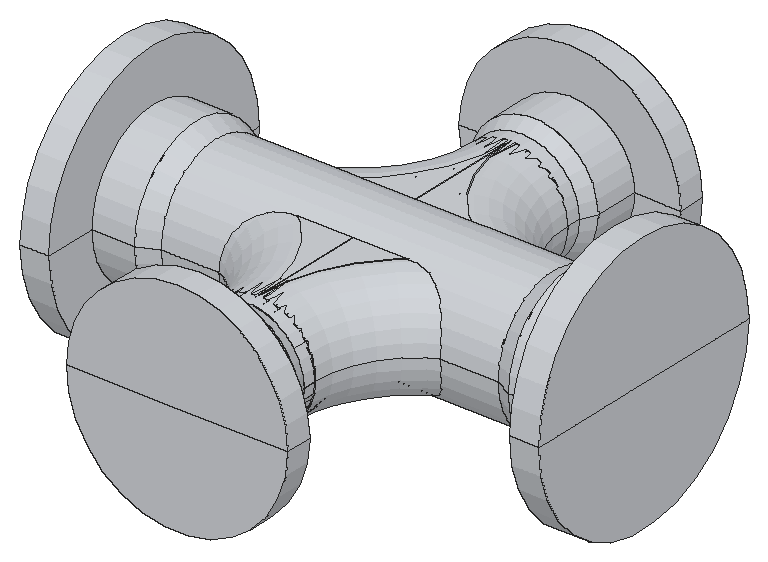
Revit family "9223d734b4f04bd7940987bf1da5378e", category Pipe Fittings, Revit 2021
Family settings
  Round Connector Dimension = Use Radius
  Part Type = Cross
  OmniClass Number = 23.60.30.11.14
  OmniClass Title = Pipework Fittings
  Seek Item ID = Tee - PVC - Sch 40-0000-USA-ENU
  Work Plane-Based = No
  Always vertical = Yes
  Cut with Voids When Loaded = No
  Shared = No
Parameters (values of type "Standard")
  Visibility 1 [instance] = and(Angle 1 = 90.00°, Angle 2 = 90.00°)  # yes
  Tick Size 3 [instance] = Fitting Outside Diameter 3 * 0.4  # 1.5840"
  Tick Size 2 [instance] = Fitting Outside Diameter 2 * 0.4  # 1.5840"
  Tick Size 1 [instance] = Fitting Outside Diameter 1 * 0.4  # 1.9200"
  Socket Outside Radius 3 [instance] = Socket Outside Diameter 3 / 2  # 2.2400"
  Socket Outside Radius 2 [instance] = Socket Outside Diameter 2 / 2  # 2.2400"
  Socket Outside Radius 1 [instance] = Socket Outside Diameter 1 / 2  # 2.7250"
  Socket Outside Diameter 3 [instance] = size_lookup(Lookup Table Name, "SOD", 1.08 * Nominal Diameter 3 + 1.1300", Nominal Diameter 3)  # 4.4800"
  Socket Outside Diameter 1 [instance] = size_lookup(Lookup Table Name, "SOD", 1.08 * Nominal Diameter 1 + 1.1300", Nominal Diameter 1)  # 5.4500"
  Socket Outside Diameter 2 [instance] = size_lookup(Lookup Table Name, "SOD", 1.08 * Nominal Diameter 2 + 1.1300", Nominal Diameter 2)  # 4.4800"
  Socket Depth 3 [instance] = if(Nominal Diameter 3 < 14.0000", 2.5000", if(Nominal Diameter 2 < 30.0000", 3.5000", 4.0000"))  # 2.5000"
  Socket Depth 2 [instance] = if(Nominal Diameter 2 < 14.0000", 2.5000", if(Nominal Diameter 2 < 30.0000", 3.5000", 4.0000"))  # 2.5000"
  Socket Depth 1 [instance] = if(Nominal Diameter 1 < 14.0000", 2.5000", if(Nominal Diameter 1 < 30.0000", 3.5000", 4.0000"))  # 2.5000"
  Nominal Radius 3 [instance] = 1.5000"
  Nominal Radius 2 [instance] = 1.5000"
  Nominal Diameter 3 [instance] = Nominal Radius 3 * 2  # 3.0000"
  Nominal Diameter 2 [instance] = Nominal Radius 2 * 2  # 3.0000"
  Min Nominal Diameter 23 [instance] = if(Nominal Diameter 2 < Nominal Diameter 3, Nominal Diameter 2, Nominal Diameter 3)  # 3.0000"
  Min Center to Socket Bottom 23 [instance] = if(Center to Socket Bottom 2 < Center to Socket Bottom 3, Center to Socket Bottom 2, Center to Socket Bottom 3)  # 6.5000"
  Max Nominal Diameter 23 [instance] = if(Nominal Diameter 2 > Nominal Diameter 3, Nominal Diameter 2, Nominal Diameter 3)  # 3.0000"
  Max Band Width 23 [instance] = if(Gland Width 2 > Gland Width 3, Gland Width 2, Gland Width 3)  # 0.9400"
  Lookup Table Name = "Cross Reducing - MJ - GI - Class 250"
  Length 2 [instance] = Socket Depth 3 + Bevel Length 3  # 3.0200"
  Length 1 [instance] = Socket Depth 2 + Bevel Length 2  # 3.0200"
  Fitting Outside Radius 3 [instance] = Fitting Outside Diameter 3 / 2  # 1.9800"
  Fitting Outside Radius 2 [instance] = Fitting Outside Diameter 2 / 2  # 1.9800"
  Fitting Outside Radius 1 [instance] = Fitting Outside Diameter 1 / 2  # 2.4000"
  Fitting Outside Diameter 3 [instance] = size_lookup(Lookup Table Name, "FOD", 1.04 * Nominal Diameter 3 + 0.7000", Nominal Diameter 3)  # 3.9600"
  Fitting Outside Diameter 2 [instance] = size_lookup(Lookup Table Name, "FOD", 1.04 * Nominal Diameter 2 + 0.7000", Nominal Diameter 2)  # 3.9600"
  Fitting Outside Diameter 1 [instance] = size_lookup(Lookup Table Name, "FOD", 1.04 * Nominal Diameter 1 + 0.7000", Nominal Diameter 1)  # 4.8000"
  Nominal Radius 1 [instance] = 2.0000"
  Nominal Diameter 1 [instance] = Nominal Radius 1 * 2  # 4.0000"
  Loss Method = Not Defined
  K Coefficient Table = (empty or 0)
  Default Elevation = 0.0000"
  Bevel Length 3 [instance] = size_lookup(Lookup Table Name, "BvLgt", 0.04 * Nominal Diameter 3 + 0.4300", Nominal Diameter 3)  # 0.5200"
  Bevel Length 2 Label [instance] = if(not(Angle 2 = 90.00°), Center to End 2 Label - Length 1, Bevel Length 2)  # 0.5200"
  Bevel Length 2 [instance] = size_lookup(Lookup Table Name, "BvLgt", 0.04 * Nominal Diameter 2 + 0.4300", Nominal Diameter 2)  # 0.5200"
  Bevel Length 1 [instance] = size_lookup(Lookup Table Name, "BvLgt", 0.04 * Nominal Diameter 1 + 0.4300", Nominal Diameter 1)  # 0.6500"
  Center to Socket Bottom 3 [instance] = size_lookup(Lookup Table Name, "CtSB2", 4.9600" + 0.58 * Nominal Diameter 1 + 0.05 * Nominal Diameter 3, Nominal Diameter 1, Nominal Diameter 3)  # 6.5000"
  Center to Socket Bottom 2 [instance] = size_lookup(Lookup Table Name, "CtSB2", 4.9600" + 0.58 * Nominal Diameter 1 + 0.05 * Nominal Diameter 2, Nominal Diameter 1, Nominal Diameter 2)  # 6.5000"
  Center to Socket Bottom 1 [instance] = size_lookup(Lookup Table Name, "CtSB1", 4.9800" + 0.33 * Nominal Diameter 1 + 0.33 * Max Nominal Diameter 23, Nominal Diameter 1, Max Nominal Diameter 23)  # 6.5000"
  Center to End 3 [instance] = Center to Socket Bottom 3 + Socket Depth 3  # 9.0000"
  Max Center to End 23 [instance] = if(Center to End 2 > Center to End 3, Center to End 2, Center to End 3)  # 9.0000"
  Center to End 2 Label [instance] = if((Max Center to End 23 - Max Band Width 23) * tan(Angle 5 / 2) > Gland Outside Radius 1, Max Center to End 23, Gland Outside Radius 1 / tan(Angle 5 / 2) + Max Band Width 23)  # 9.0000"
  Center to End 2 [instance] = Center to Socket Bottom 2 + Socket Depth 2  # 9.0000"
  Center to End 1 Label [instance] = if((Max Center to End 23 - Max Band Width 23) * tan(Angle 5 / 2) > Gland Outside Radius 1, Center to End 1, Gland Outside Radius 1 / tan(Angle 5 / 2) + Max Band Width 23)  # 9.0000"
  Center to End 1 [instance] = Center to Socket Bottom 1 + Socket Depth 1  # 9.0000"
  Center Radius Label [instance] = if(Min Center to Socket Bottom 23 - Center Radius - Bevel Length 2 < 0.5000", Min Center to Socket Bottom 23 - Bevel Length 2 - 0.5000", Center Radius)  # 5.4800"
  Center Radius [instance] = size_lookup(Lookup Table Name, "CRad", 4.4800" + 0.3 * Nominal Diameter 1 + 0.33 * Max Nominal Diameter 23, Nominal Diameter 1, Max Nominal Diameter 23)  # 5.8500"
  Gland Width 3 [instance] = size_lookup(Lookup Table Name, "GWid", 0.03 * Nominal Diameter 3 + 0.9400", Nominal Diameter 3)  # 0.9400"
  Gland Width 2 [instance] = size_lookup(Lookup Table Name, "GWid", 0.03 * Nominal Diameter 2 + 0.9400", Nominal Diameter 2)  # 0.9400"
  Gland Width 1 [instance] = size_lookup(Lookup Table Name, "GWid", 0.03 * Nominal Diameter 1 + 0.9400", Nominal Diameter 1)  # 1.0000"
  Gland Outside Radius 3 [instance] = Gland Outside Diameter 3 / 2  # 3.8450"
  Gland Outside Radius 2 [instance] = Gland Outside Diameter 2 / 2  # 3.8450"
  Gland Outside Radius 1 [instance] = Gland Outside Diameter 1 / 2  # 4.5600"
  Gland Outside Diameter 3 [instance] = size_lookup(Lookup Table Name, "GOD", 1.16 * Nominal Diameter 3 + 4.0300", Nominal Diameter 3)  # 7.6900"
  Gland Outside Diameter 2 [instance] = size_lookup(Lookup Table Name, "GOD", 1.16 * Nominal Diameter 2 + 4.0300", Nominal Diameter 2)  # 7.6900"
  Gland Outside Diameter 1 [instance] = size_lookup(Lookup Table Name, "GOD", 1.16 * Nominal Diameter 1 + 4.0300", Nominal Diameter 1)  # 9.1200"
  Angle 5 [instance] = if(tan(Angle 3 / 2) > tan(Angle 4 / 2), Angle 4, Angle 3)  # 90.00°
  Angle 4 [instance] = if(Angle 2 > 90.00°, 180.00° - Angle 2, Angle 2)  # 90.00°
  Angle 3 [instance] = if(Angle 1 > 90.00°, 180.00° - Angle 1, Angle 1)  # 90.00°
  Angle 2 [instance] = 90.00°
  Angle 1 [instance] = 90.00°
Reference planes (in)
  plane 1 "Center (Front/Back)": y = 0
  plane 2: z = 0
  plane 3 "Center (Left/Right)": x = 0
  plane 4: y = -6.5
  plane 5: y = 4.56
  plane 6: y = 2.725
  plane 7: y = 2.4
  plane 8: x = -9
  plane 9: x = -8
  plane 10: x = -5.85
  plane 11: x = -6.5
  plane 12: x = 9
  plane 13: x = 8
  plane 14: x = 5.85
  plane 15: x = 6.5
  plane 16: y = -5.98
  plane 17: y = -5.48
  plane 18: x = -5.48
  plane 19: x = 5.48
  plane 20: z = 1.98
  plane 21: z = -1.98
  plane 22: y = 1.92
  plane 23: y = -1.92
  plane 24: y = 6.5
  plane 25: y = 5.98
  plane 26: y = 5.48
  plane 27: y = 1.92
  plane 28: z = 1.98
  plane 29: z = -1.98
Forms (in)
  Revolve 1, solid, detail levels fine
    sketch origin (0, 0, 0) x (1, 0, 0) y (0, 1, 0)
      loop
        line (-9, 0) -> (9, 0) -> (9, 4.56) -> (8, 4.56) -> (8, 2.725) -> (6.5, 2.725) -> (5.85, 2.4) -> (-5.85, 2.4) -> (-6.5, 2.725) -> (-8, 2.725) -> (-8, 4.56) -> (-9, 4.56) -> (-9, 0)
      axis (-9, 0) -> (9, 0)
    angle from 0 to 360
  Sweep 2, solid, visible <- "Visibility 1", detail levels fine
    path origin (0, 0, 0) x (1, 0, 0) y (0, 1, 0)
      loop
        arc (-5.48, 0) -> (-1.60505, -1.60505) -> (0, -5.48) r 5.48
        line (0, -5.48) -> (0, -5.98)
    profile origin (0, -5.48, 0) x (1, 0, 0) y (0, 0, 1)
      loop
        circle (0, 0) r 1.98
  Sweep 3, solid, visible <- "Visibility 1", detail levels fine
    path origin (0, 0, 0) x (-1, 0, 0) y (0, 1, 0)
      loop
        arc (-5.48, 0) -> (-1.60505, -1.60505) -> (0, -5.48) r 5.48
        line (0, -5.48) -> (0, -5.98)
    profile origin (0, -5.48, 0) x (1, 0, 0) y (0, 0, 1)
      loop
        circle (0, 0) r 1.98
  Extrusion 4, solid, visible <- "Visibility 1", detail levels fine
    sketch origin (0, 0, 0) x (1, 0, 0) y (0, 1, 0)
      loop
        arc (0, -5.48) -> (1.60505, -1.60505) -> (5.48, 0) r 5.48
        line (5.48, 0) -> (-5.48, 0)
        arc (-5.48, 0) -> (-1.60505, -1.60505) -> (0, -5.48) r 5.48
    from -1.98 to 1.98
  Sweep 5, solid, visible <- "Visibility 1", detail levels fine
    path origin (0, 0, 0) x (-1, 0, 0) y (0, -1, 0)
      loop
        arc (-5.48, 0) -> (-1.60505, -1.60505) -> (0, -5.48) r 5.48
    profile origin (0, 5.48, 0) x (-1, 0, 0) y (0, 0, 1)
      loop
        circle (0, 0) r 1.98
  Extrusion 6, solid, visible <- "Visibility 1", detail levels fine
    sketch origin (0, 0, 0) x (1, 0, 0) y (0, 1, 0)
      loop
        arc (0, 5.48) -> (-1.60505, 1.60505) -> (-5.48, 0) r 5.48
        line (-5.48, 0) -> (5.48, 0)
        arc (5.48, 0) -> (1.60505, 1.60505) -> (0, 5.48) r 5.48
    from -1.98 to 1.98
  Sweep 7, solid, visible <- "Visibility 1", detail levels fine
    path origin (0, 0, 0) x (1, 0, 0) y (0, -1, 0)
      loop
        arc (-5.48, 0) -> (-1.60505, -1.60505) -> (0, -5.48) r 5.48
    profile origin (0, 5.48, 0) x (-1, 0, 0) y (0, 0, 1)
      loop
        circle (0, 0) r 1.98
  Revolve 8, solid, detail levels fine
    sketch origin (0, 0, 0) x (0, -1, 0) y (1, 0, 0)
      loop
        line (9, 0) -> (0, 0) -> (0, -1.98) -> (5.98, -1.98) -> (6.5, -2.24) -> (8.06, -2.24) -> (8.06, -3.845) -> (9, -3.845) -> (9, 0)
      axis (0, 0) -> (9, 0)
    angle from 0 to 360
  Revolve 9, solid, detail levels fine
    sketch origin (0, 0, 0) x (0, 1, 0) y (-1, 0, 0)
      loop
        line (9, 0) -> (9, 3.845) -> (8.06, 3.845) -> (8.06, 2.24) -> (6.5, 2.24) -> (5.98, 1.98) -> (0, 1.98) -> (0, 0) -> (9, 0)
      axis (0, 0) -> (9, 0)
    angle from 0 to 360
Lines and regions (in)
  model lines, detail levels coarse+medium
    curve 1: line (-9, 1.92, 0) -> (-9, -1.92, 0)
    curve 2: line (9, 1.92, 0) -> (9, -1.92, 0)
    curve 6: line (-1.584, -9, 0) -> (1.584, -9, 0)
    curve 8: line (-1.584, 9, 0) -> (1.584, 9, 0)
  model lines, style "PipeFitting", detail levels coarse+medium
    curve 3: line (-9, 0, 0) -> (9, 0, 0)
    curve 7: line (0, 0, 0) -> (0, -9, 0)
    curve 9: line (0, 0, 0) -> (0, 9, 0)
  reference lines, not visible
    curve 4: line (0, 0, 0) -> (0, -9, 0)
    curve 5: line (0, 0, 0) -> (0, 9, 0)
Dimensions and locks (in)
  "Center to Socket Bottom 2": plane 4 to plane 1 "Center (Front/Back)"
  "Fitting Outside Radius 1": plane 7 to plane 1 "Center (Front/Back)"
  "Socket Outside Radius 1": plane 6 to plane 1 "Center (Front/Back)"
  "Gland Outside Radius 1": plane 5 to plane 1 "Center (Front/Back)"
  "Gland Width 1": plane 8 to plane 9
  "Socket Depth 1": plane 8 to plane 11
  "Bevel Length 1": plane 11 to plane 10
  "Gland Width 1": plane 12 to plane 13
  "Socket Depth 1": plane 12 to plane 15
  "Bevel Length 1": plane 14 to plane 15
  "Bevel Length 2": plane 16 to plane 4
  "Center Radius Label": plane 1 "Center (Front/Back)" to plane 17
  "Center Radius Label": plane 18 to plane 3 "Center (Left/Right)"
  "Center Radius Label": plane 3 "Center (Left/Right)" to plane 19
  "Fitting Outside Radius 2": plane 20 to plane 2
  "Fitting Outside Radius 2": plane 21 to level
  "Tick Size 1": plane 1 "Center (Front/Back)" to plane 23
  "Tick Size 1": plane 22 to plane 1 "Center (Front/Back)"
  "Center to Socket Bottom 3": plane 24 to plane 1 "Center (Front/Back)"
  "Bevel Length 3": plane 25 to plane 24
  "Center Radius Label": plane 1 "Center (Front/Back)" to plane 26
  "Tick Size 1": plane 1 "Center (Front/Back)" to plane 27
  "Fitting Outside Radius 3": plane 2 to plane 29
  "Fitting Outside Radius 3": plane 28 to plane 2
  "Center to End 1 Label": plane 8 to plane 3 "Center (Left/Right)"
  "Center to End 1 Label": plane 3 "Center (Left/Right)" to plane 12
  "Center to End 2 Label": curve 4 to curve 4
  "Center to End 2 Label": curve 5 to curve 5
  "Tick Size 2": curve 6 to curve 4
  "Tick Size 2": curve 4 to curve 6
  "Center to End 2 Label": curve 7 to curve 7
  "Center to End 2 Label": Revolve 8 sketch curve to Revolve 8 sketch curve
  "Gland Outside Radius 2": Revolve 8 sketch curve to Revolve 8 sketch curve
  "Socket Outside Radius 2": Revolve 8 sketch curve to Revolve 8 sketch curve
  "Gland Width 2": Revolve 8 sketch curve to Revolve 8 sketch curve
  "Socket Depth 2": Revolve 8 sketch curve to Revolve 8 sketch curve
  "Fitting Outside Radius 2": Revolve 8 sketch curve to Revolve 8 sketch curve
  "Length 1": Revolve 8 sketch curve to Revolve 8 sketch curve
  "Tick Size 3": curve 8 to curve 5
  "Tick Size 3": curve 5 to curve 8
  "Center to End 2 Label": curve 9 to curve 9
  "Center to End 2 Label": Revolve 9 sketch curve to Revolve 9 sketch curve
  "Socket Outside Radius 3": Revolve 9 sketch curve to Revolve 9 sketch curve
  "Gland Outside Radius 3": Revolve 9 sketch curve to Revolve 9 sketch curve
  "Fitting Outside Radius 3": Revolve 9 sketch curve to Revolve 9 sketch curve
  "Gland Width 3": Revolve 9 sketch curve to Revolve 9 sketch curve
  "Socket Depth 3": Revolve 9 sketch curve to Revolve 9 sketch curve
  "Length 2": Revolve 9 sketch curve to Revolve 9 sketch curve
  "Center Radius Label": radius of Sweep 2 sketch curve
  "Fitting Outside Radius 2": radius of Sweep 2 sketch curve
  "Center Radius Label": radius of Sweep 3 sketch curve
  "Fitting Outside Radius 2": radius of Sweep 3 sketch curve
  "Center Radius Label": radius of Extrusion 4 sketch curve  (x2)
  "Center Radius Label": radius of Sweep 5 sketch curve
  "Fitting Outside Radius 3": radius of Sweep 5 sketch curve
  "Center Radius Label": radius of Extrusion 6 sketch curve  (x2)
  "Center Radius Label": radius of Sweep 7 sketch curve
  "Fitting Outside Radius 3": radius of Sweep 7 sketch curve
  "Angle 1": angle curve 4 to plane 1 "Center (Front/Back)"
  "Angle 2": angle plane 1 "Center (Front/Back)" to curve 5
  locked: curve 4 to curve 6 (angle 90.00°)
  "Angle 1": angle curve 7 to plane 1 "Center (Front/Back)"
  "Angle 1": angle Revolve 8 sketch curve to plane 1 "Center (Front/Back)"
  locked: curve 5 to curve 8 (angle 90.00°)
  "Angle 2": angle plane 1 "Center (Front/Back)" to curve 9
  "Angle 2": angle plane 1 "Center (Front/Back)" to Revolve 9 sketch curve
  aligned and locked: plane 1 "Center (Front/Back)" to Revolve 1 sketch curve
  aligned and locked: plane 8 to Revolve 1 sketch curve
  aligned and locked: Revolve 1 sketch curve to plane 5  (x2)
  aligned and locked: Revolve 1 sketch curve to plane 7
  aligned and locked: Revolve 1 sketch curve to plane 6  (x2)
  aligned and locked: Revolve 1 sketch curve to plane 13
  aligned and locked: Revolve 1 sketch curve to plane 12
  aligned and locked: Revolve 1 sketch curve to plane 9
  aligned and locked: Revolve 1 sketch curve to Revolve 1 sketch curve
  aligned and locked: plane 11 to Revolve 1 sketch curve
  aligned and locked: plane 10 to Revolve 1 sketch curve
  aligned and locked: plane 14 to Revolve 1 sketch curve
  aligned and locked: plane 15 to Revolve 1 sketch curve
  aligned and locked: plane 17 to Sweep 2 sketch curve
  aligned and locked: plane 18 to Sweep 2 sketch curve
  aligned and locked: plane 19 to Sweep 3 sketch curve
  aligned and locked: plane 17 to Sweep 3 sketch curve
  aligned and locked: plane 18 to Extrusion 4 sketch curve  (x2)
  aligned and locked: plane 17 to Extrusion 4 sketch curve  (x3)
  aligned and locked: plane 19 to Extrusion 4 sketch curve  (x2)
  aligned and locked: plane 1 "Center (Front/Back)" to Extrusion 4 sketch curve
  aligned and locked: plane 21 to Extrusion 4
  aligned and locked: plane 20 to Extrusion 4
  aligned and locked: plane 23 to curve 2
  aligned and locked: plane 22 to curve 2
  aligned and locked: plane 12 to curve 2
  aligned and locked: plane 23 to curve 1
  aligned and locked: plane 22 to curve 1
  aligned and locked: curve 1 to plane 8
  aligned and locked: plane 1 "Center (Front/Back)" to curve 3
  aligned and locked: plane 8 to curve 3
  aligned and locked: plane 12 to curve 3
  aligned and locked: plane 29 to Extrusion 6
  aligned and locked: plane 28 to Extrusion 6
  aligned and locked: plane 16 to Sweep 2 sketch curve
  aligned and locked: plane 3 "Center (Left/Right)" to curve 5
  aligned and locked: plane 1 "Center (Front/Back)" to curve 5
  aligned and locked: curve 6 to curve 4
  aligned and locked: plane 3 "Center (Left/Right)" to curve 7
  aligned and locked: plane 1 "Center (Front/Back)" to curve 7
  aligned and locked: plane 3 "Center (Left/Right)" to Revolve 8 sketch curve
  aligned and locked: plane 1 "Center (Front/Back)" to Revolve 8 sketch curve
  aligned and locked: Revolve 8 sketch curve to Revolve 8 sketch curve  (x3)
  aligned and locked: curve 8 to curve 5
  aligned and locked: plane 3 "Center (Left/Right)" to curve 9
  aligned and locked: plane 3 "Center (Left/Right)" to Revolve 9 sketch curve
  aligned and locked: plane 1 "Center (Front/Back)" to Revolve 9 sketch curve
  aligned and locked: Revolve 9 sketch curve to Revolve 9 sketch curve  (x3)
  aligned and locked: plane 16 to Sweep 3 sketch curve
Automatic sketch dimensions
  Revolve 1 sketch curve to plane 8 = 1.01143"
  Revolve 1 sketch curve to plane 12 = 1.76143"
  Sweep 2 sketch curve to level = 0.0000"
  profile plane to Sweep 2 sketch curve = 0.0000"
  Sweep 3 sketch curve to level = 0.0000"
  profile plane to Sweep 3 sketch curve = 0.0000"
  Sweep 5 sketch curve to level = 0.0000"
  Sweep 5 sketch curve to profile plane = 0.0000"
  plane 1 "Center (Front/Back)" to Extrusion 6 sketch curve = 0.0000"
  Extrusion 6 sketch curve to plane 18 = 0.0000"
  Extrusion 6 sketch curve to plane 3 "Center (Left/Right)" = 0.0000"
  Sweep 7 sketch curve to level = 0.0000"
  Sweep 7 sketch curve to profile plane = 0.0000"
  plane 1 "Center (Front/Back)" to Sweep 7 sketch curve = 0.0000"
  plane 1 "Center (Front/Back)" to Sweep 5 sketch curve = 0.0000"
  Sweep 5 sketch curve to plane 19 = 0.0000"
  Sweep 7 sketch curve to plane 18 = 0.0000"
Connectors (in)
  piping at (-9, 0, 0), diameter 4, driven by "Nominal Radius 1"
    settings: on Revolve 1, index 1, connector inside diameter 4.0000", connector length 0.0000", flow factor 0, pipe flow 0 GPM, pressure drop 0.00 psi, fitting loss kfactor 0, connector angle 0.00°, fixture units 0, engagement length 0.0000", angle of deflection 0.00°, flow configuration 0, flow direction 0, fitting loss method 0, system type 28, joint type 0, gender type 0, connector reference index 2, connector utility 0, adjustable connector no, is connector primary yes, connector description ""
  piping at (9, 0, 0), diameter 4, driven by "Nominal Radius 1"
    settings: on Revolve 1, index 2, connector inside diameter 4.0000", connector length 0.0000", flow factor 0, pipe flow 0 GPM, pressure drop 0.00 psi, fitting loss kfactor 0, connector angle 0.00°, fixture units 0, engagement length 0.0000", angle of deflection 0.00°, flow configuration 0, flow direction 0, fitting loss method 0, system type 28, joint type 0, gender type 0, connector reference index 1, connector utility 0, adjustable connector no, is connector primary no, connector description ""
  piping at (0, -9, 0), diameter 3, driven by "Angle 1", driven by "Nominal Radius 2"
    settings: on Revolve 8, index 3, connector inside diameter 3.0000", connector length 0.0000", flow factor 0, pipe flow 0 GPM, pressure drop 0.00 psi, fitting loss kfactor 0, connector angle 90.00°, fixture units 0, engagement length 0.0000", angle of deflection 0.00°, flow configuration 0, flow direction 0, fitting loss method 0, system type 28, joint type 0, gender type 0, connector reference index 4, connector utility 0, adjustable connector no, is connector primary no, connector description ""
  piping at (0, 9, 0), diameter 3, driven by "Angle 2", driven by "Nominal Radius 3"
    settings: on Revolve 9, index 4, connector inside diameter 3.0000", connector length 0.0000", flow factor 0, pipe flow 0 GPM, pressure drop 0.00 psi, fitting loss kfactor 0, connector angle 90.00°, fixture units 0, engagement length 0.0000", angle of deflection 0.00°, flow configuration 0, flow direction 0, fitting loss method 0, system type 28, joint type 0, gender type 0, connector reference index 3, connector utility 0, adjustable connector no, is connector primary no, connector description ""
